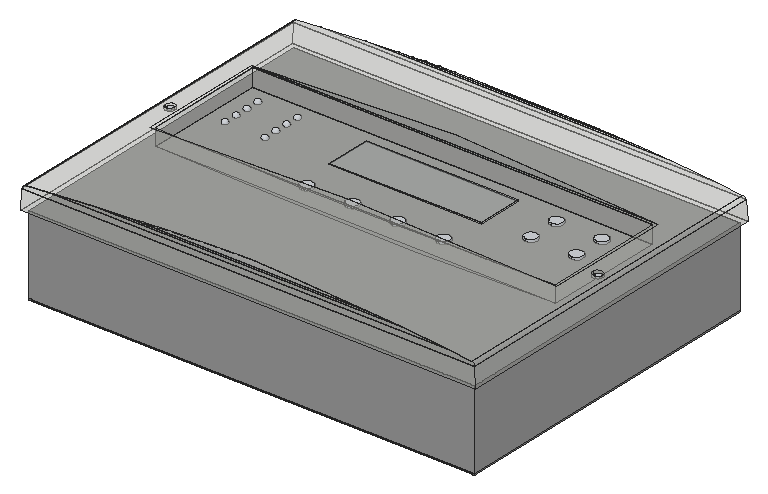
Revit family "MaviGard Прибор приемно-контрольный газовый, 4 канальный", category Fire Alarm Devices, host Face, Revit 2021
Family settings
  Host = Face
  Maintain Annotation Orientation = Yes
  Round Connector Dimension = Use Diameter
  Part Type = Normal
  OmniClass Number = 23.85.30.21
  OmniClass Title = Environmental Detection/Registration
  Cut with Voids When Loaded = No
  Shared = No
  Room Calculation Point = No
Parameters (values of type "MaviGard Прибор приемно-контрольный газовый, 4 канальный")
  Вес = "5,3 кг"
  Монтажный короб для установки извещателя с поверхностной прокладкой кабеля = ""
  Гарантийный срок = "Года"
  Гарантийный срок запчастей = "2"
  Гарантия срока службы = "2"
  Версия = ""
  URL = "https://www.mavili.com.tr/"
  Монтажный комплект для установки извещателя в подвесной потолок = ""
  Номер позы общественных работ = ""
  Класс защиты = ""
  Код продукта = "MG-400"
  Номер телефона = "(+)90 216 466 45 05"
  Рабочее напряжение (по умолчанию) = ""
  Диапазон рабочего напряжения = ""
  Рабочая Температура = "(-5°C) - (+50°C)"
  Номинальная глубина = "100 мм"
  Номинальная ширина = "400 мм"
  Номинальная высота = "300 мм"
  Монтажная поверхность = "Настенная"
  Монтажная высота = ""
  Model = "MaviGard"
  Manufacturer = "Mavili Elektronik Ticaret A.Ş."
  Инструкция по установке = "https://mavilielektronik.com/Revit/MG400_enkk.pdf"
  Выход индикации = ""
  Номер факса = "(+)90 216 466 45 10"
  Резервное питание = "220 В Перем. ток"
  Почта = "mavili@mavili.com.tr"
  Отказ = ""
  Настройка адреса устройства = ""
  Description = "Прибор приемно-контрольный газовый, 4 канальный"
  Default Elevation = 0 mm
  Потребление тока = ""
  Валюта = ""
  Cost = 0
  Совместимые базы для монтажа = ""
  Цвет = "Белый"
  Производительность кода = ""
  Главный Материал = "Серый металлический"
  Вторичный материал = "Белый пластмассовый ABS"
  Аккумулятор = "2 X  (12В Пост. ток 7 Aм/ч. )"
  Assembly Code = ""
  Адрес №1 = "Şerifali Mahallesi Kutup Sokak No:27/1-2-4 Ümraniye TR-34775 İSTANBUL"
Reference planes
  plane 1 "Center (Front/Back)": y = 0
  plane 2: z = 0
  plane 3 "Center (Left/Right)": x = 0
Forms (mm)
  Extrusion 1, solid, material "mavili arka kasa"
    sketch origin (-210, -150, 148.173) x (1, 0, 0) y (0, 0, -1)
      loop
        line (42.905, 77.3) -> (434.905, 77.3) -> (434.905, 146.904)
        arc (434.905, 146.904) -> (434.545, 147.715) -> (433.785, 148.173) r 1.476
        line (433.785, 148.173) -> (44.505, 148.173)
        arc (44.505, 148.173) -> (43.374, 147.704) -> (42.905, 146.573) r 1.6
        line (42.905, 146.573) -> (42.905, 77.3)
    from 0 to 300
  Extrusion 2, solid, material "Mavili beyaz"
    sketch origin (-210, -150, 148.173) x (1, 0, 0) y (0, 0, -1)
      loop
        line (38.905, 77.3) -> (39.824, 59.769)
        arc (39.824, 59.769) -> (40.651, 57.854) -> (42.526, 56.941) r 3
        arc (42.526, 56.941) -> (238.905, 47.3) -> (435.284, 56.941) r 2005
        arc (435.284, 56.941) -> (437.16, 57.854) -> (437.987, 59.769) r 3
        line (437.987, 59.769) -> (438.905, 77.3) -> (38.905, 77.3)
    from 0 to 300
  Extrusion 3, void
    sketch origin (-167.095, -150, 70.872) x (0, 0, 1) y (0, -1, 0)
      loop
        arc (-69.27, -296) -> (-70.403, -295.532) -> (-70.872, -294.4) r 1.6
        line (-70.872, -294.4) -> (-70.872, -300) -> (0, -300) -> (0, -296) -> (-69.27, -296)
    from 0 to 392
  Extrusion 4, void
    sketch origin (-167.095, 150, 70.872) x (0, 0, 1) y (0, -1, 0)
      loop
        line (-69.27, 296) -> (0, 296) -> (0, 300) -> (-70.872, 300) -> (-70.872, 294.4)
        arc (-70.872, 294.4) -> (-70.403, 295.532) -> (-69.27, 296) r 1.6
    from 0 to 392
  Extrusion 5, void
    sketch origin (-210, -150, 148.173) x (0, 0, -1) y (0, 1, 0)
      loop
        line (55.289, 116.326) -> (55.289, 228.158) -> (47.3, 228.297) -> (47.3, 111.721) -> (55.289, 116.326)
    from 0 to 497.127
  Extrusion 6, void
    sketch origin (-210, -150, 148.173) x (0, 0, -1) y (0, 1, 0)
      loop
        arc (47.3, 295.581) -> (48.124, 297.646) -> (50.143, 298.577) r 3
        line (50.143, 298.577) -> (51.913, 298.669) -> (55.057, 298.834) -> (59.769, 299.081) -> (77.3, 300) -> (50, 300) -> (47.3, 300) -> (47.3, 295.581)
    from 0 to 493.151
  Extrusion 7, void
    sketch origin (-210, 150, 148.173) x (0, 0, -1) y (0, 1, 0)
      loop
        line (47.3, -295.581) -> (47.3, -300) -> (50, -300) -> (77.3, -300) -> (59.769, -299.081) -> (55.057, -298.834) -> (51.913, -298.669) -> (50.143, -298.577)
        arc (50.143, -298.577) -> (48.124, -297.646) -> (47.3, -295.581) r 3
    from 0 to 493.151
  Extrusion 8, void
    sketch origin (-167.095, 146, 25.472) x (0, 0, -1) y (1, 0, 0)
      loop
        line (-13.523, 66.9) -> (-13.523, 68.054)
        arc (-13.523, 68.054) -> (-15, 68.144) -> (-16.477, 68.054) r 12.144
        line (-16.477, 68.054) -> (-16.477, 66.9)
        arc (-16.477, 66.9) -> (-26, 56.025) -> (-16.527, 45.106) r 11
        line (-16.527, 45.106) -> (-16.527, 43.952)
        arc (-16.527, 43.952) -> (-15, 43.856) -> (-13.473, 43.952) r 12.144
        line (-13.473, 43.952) -> (-13.473, 45.106)
        arc (-13.473, 45.106) -> (-4, 56.025) -> (-13.523, 66.9) r 11
    from 0 to 1
  Extrusion 9, void
    sketch origin (-127.095, 146, 25.472) x (0, 0, -1) y (1, 0, 0)
      loop
        line (-13.523, 66.9) -> (-13.523, 68.054)
        arc (-13.523, 68.054) -> (-15, 68.144) -> (-16.477, 68.054) r 12.144
        line (-16.477, 68.054) -> (-16.477, 66.9)
        arc (-16.477, 66.9) -> (-26, 56.025) -> (-16.527, 45.106) r 11
        line (-16.527, 45.106) -> (-16.527, 43.952)
        arc (-16.527, 43.952) -> (-15, 43.856) -> (-13.473, 43.952) r 12.144
        line (-13.473, 43.952) -> (-13.473, 45.106)
        arc (-13.473, 45.106) -> (-4, 56.025) -> (-13.523, 66.9) r 11
    from 0 to 1
  Extrusion 10, void
    sketch origin (-87.095, 146, 25.472) x (0, 0, -1) y (1, 0, 0)
      loop
        line (-13.523, 66.9) -> (-13.523, 68.054)
        arc (-13.523, 68.054) -> (-15, 68.144) -> (-16.477, 68.054) r 12.144
        line (-16.477, 68.054) -> (-16.477, 66.9)
        arc (-16.477, 66.9) -> (-26, 56.025) -> (-16.527, 45.106) r 11
        line (-16.527, 45.106) -> (-16.527, 43.952)
        arc (-16.527, 43.952) -> (-15, 43.856) -> (-13.473, 43.952) r 12.144
        line (-13.473, 43.952) -> (-13.473, 45.106)
        arc (-13.473, 45.106) -> (-4, 56.025) -> (-13.523, 66.9) r 11
    from 0 to 1
  Extrusion 11, void
    sketch origin (-47.095, 146, 25.472) x (0, 0, -1) y (1, 0, 0)
      loop
        line (-13.523, 66.9) -> (-13.523, 68.054)
        arc (-13.523, 68.054) -> (-15, 68.144) -> (-16.477, 68.054) r 12.144
        line (-16.477, 68.054) -> (-16.477, 66.9)
        arc (-16.477, 66.9) -> (-26, 56.025) -> (-16.527, 45.106) r 11
        line (-16.527, 45.106) -> (-16.527, 43.952)
        arc (-16.527, 43.952) -> (-15, 43.856) -> (-13.473, 43.952) r 12.144
        line (-13.473, 43.952) -> (-13.473, 45.106)
        arc (-13.473, 45.106) -> (-4, 56.025) -> (-13.523, 66.9) r 11
    from 0 to 1
  Extrusion 12, void
    sketch origin (-7.095, 146, 25.472) x (0, 0, -1) y (1, 0, 0)
      loop
        line (-13.523, 66.9) -> (-13.523, 68.054)
        arc (-13.523, 68.054) -> (-15, 68.144) -> (-16.477, 68.054) r 12.144
        line (-16.477, 68.054) -> (-16.477, 66.9)
        arc (-16.477, 66.9) -> (-26, 56.025) -> (-16.527, 45.106) r 11
        line (-16.527, 45.106) -> (-16.527, 43.952)
        arc (-16.527, 43.952) -> (-15, 43.856) -> (-13.473, 43.952) r 12.144
        line (-13.473, 43.952) -> (-13.473, 45.106)
        arc (-13.473, 45.106) -> (-4, 56.025) -> (-13.523, 66.9) r 11
    from 0 to 1
  Extrusion 13, void
    sketch origin (32.905, 146, 25.472) x (0, 0, -1) y (1, 0, 0)
      loop
        line (-13.523, 66.9) -> (-13.523, 68.054)
        arc (-13.523, 68.054) -> (-15, 68.144) -> (-16.477, 68.054) r 12.144
        line (-16.477, 68.054) -> (-16.477, 66.9)
        arc (-16.477, 66.9) -> (-26, 56.025) -> (-16.527, 45.106) r 11
        line (-16.527, 45.106) -> (-16.527, 43.952)
        arc (-16.527, 43.952) -> (-15, 43.856) -> (-13.473, 43.952) r 12.144
        line (-13.473, 43.952) -> (-13.473, 45.106)
        arc (-13.473, 45.106) -> (-4, 56.025) -> (-13.523, 66.9) r 11
    from 0 to 1
  Extrusion 14, void
    sketch origin (72.905, 146, 25.472) x (0, 0, -1) y (1, 0, 0)
      loop
        line (-13.523, 66.9) -> (-13.523, 68.054)
        arc (-13.523, 68.054) -> (-15, 68.144) -> (-16.477, 68.054) r 12.144
        line (-16.477, 68.054) -> (-16.477, 66.9)
        arc (-16.477, 66.9) -> (-26, 56.025) -> (-16.527, 45.106) r 11
        line (-16.527, 45.106) -> (-16.527, 43.952)
        arc (-16.527, 43.952) -> (-15, 43.856) -> (-13.473, 43.952) r 12.144
        line (-13.473, 43.952) -> (-13.473, 45.106)
        arc (-13.473, 45.106) -> (-4, 56.025) -> (-13.523, 66.9) r 11
    from 0 to 1
  Extrusion 15, void
    sketch origin (112.905, 146, 25.472) x (0, 0, -1) y (1, 0, 0)
      loop
        line (-13.523, 66.9) -> (-13.523, 68.054)
        arc (-13.523, 68.054) -> (-15, 68.144) -> (-16.477, 68.054) r 12.144
        line (-16.477, 68.054) -> (-16.477, 66.9)
        arc (-16.477, 66.9) -> (-26, 56.025) -> (-16.527, 45.106) r 11
        line (-16.527, 45.106) -> (-16.527, 43.952)
        arc (-16.527, 43.952) -> (-15, 43.856) -> (-13.473, 43.952) r 12.144
        line (-13.473, 43.952) -> (-13.473, 45.106)
        arc (-13.473, 45.106) -> (-4, 56.025) -> (-13.523, 66.9) r 11
    from 0 to 1
  Extrusion 16, void
    sketch origin (-210, -33.417, 92.884) x (-1, 0, 0) y (0, 1, 0)
      loop
        line (-62.836, 2.214) -> (-62.836, 108.579)
        spline (-62.836, 108.579) -> (-92.123, 108.62) -> (-121.442, 108.654) -> (-150.785, 108.681) -> (-180.148, 108.699) -> (-209.524, 108.711) -> (-238.905, 108.714) -> (-268.287, 108.711) -> (-297.662, 108.699) -> (-327.025, 108.681) -> (-356.369, 108.654) -> (-385.687, 108.62) -> (-414.974, 108.579)
        line (-414.974, 108.579) -> (-414.974, 2.214)
        spline (-414.974, 2.214) -> (-385.687, 0.847) -> (-356.369, -0.273) -> (-327.025, -1.144) -> (-297.662, -1.766) -> (-268.287, -2.14) -> (-238.905, -2.264) -> (-209.524, -2.14) -> (-180.148, -1.766) -> (-150.785, -1.144) -> (-121.442, -0.273) -> (-92.123, 0.847) -> (-62.836, 2.214)
    from 0 to 15
  Extrusion 17, void
    sketch origin (-210, -33.417, 92.884) x (-1, 0, 0) y (0, 1, 0)
      loop
        circle (-50.905, 33.417) r 4.25
    from 0 to 3
  Extrusion 18, solid
    sketch origin (-210, -33.442, 89.884) x (0, 1, 0) y (-1, 0, 0)
      loop
        line (35.753, -50.862) -> (34.597, -48.861) -> (32.286, -48.861) -> (31.13, -50.862) -> (32.286, -52.864) -> (34.597, -52.864) -> (35.753, -50.862)
    from 0 to 1
  Extrusion 19, void
    sketch origin (267.811, -33.417, 92.884) x (-1, 0, 0) y (0, 1, 0)
      loop
        circle (50.905, 33.417) r 4.25
    from 0 to 3
  Extrusion 20, solid
    sketch origin (267.811, -33.442, 89.884) x (0, 1, 0) y (-1, 0, 0)
      loop
        line (35.753, 50.862) -> (34.597, 52.864) -> (32.286, 52.864) -> (31.13, 50.862) -> (32.286, 48.861) -> (34.597, 48.861) -> (35.753, 50.862)
    from 0 to 1
  Revolve 21, solid
    sketch origin (-210, -33.417, 77.884) x (-1, 0, 0) y (0, -1, 0)
      loop
        line (-78.905, -96.917) -> (-78.905, -91.917)
        arc (-78.905, -91.917) -> (-81.405, -94.417) -> (-78.905, -96.917) r 2.5
      axis (-78.905, -96.917) -> (-78.905, -91.917)
    angle from 0 to -180
  Revolve 22, solid
    sketch origin (-175, -33.417, 77.884) x (-1, 0, 0) y (0, -1, 0)
      loop
        line (-78.905, -96.917) -> (-78.905, -91.917)
        arc (-78.905, -91.917) -> (-81.405, -94.417) -> (-78.905, -96.917) r 2.5
      axis (-78.905, -96.917) -> (-78.905, -91.917)
    angle from 0 to -180
  Revolve 23, solid
    sketch origin (-210, -45.417, 77.884) x (-1, 0, 0) y (0, -1, 0)
      loop
        line (-78.905, -96.917) -> (-78.905, -91.917)
        arc (-78.905, -91.917) -> (-81.405, -94.417) -> (-78.905, -96.917) r 2.5
      axis (-78.905, -96.917) -> (-78.905, -91.917)
    angle from 0 to -180
  Revolve 24, solid
    sketch origin (-175, -45.417, 77.884) x (-1, 0, 0) y (0, -1, 0)
      loop
        line (-78.905, -96.917) -> (-78.905, -91.917)
        arc (-78.905, -91.917) -> (-81.405, -94.417) -> (-78.905, -96.917) r 2.5
      axis (-78.905, -96.917) -> (-78.905, -91.917)
    angle from 0 to -180
  Revolve 25, solid
    sketch origin (-175, -57.417, 77.884) x (-1, 0, 0) y (0, -1, 0)
      loop
        line (-78.905, -96.917) -> (-78.905, -91.917)
        arc (-78.905, -91.917) -> (-81.405, -94.417) -> (-78.905, -96.917) r 2.5
      axis (-78.905, -96.917) -> (-78.905, -91.917)
    angle from 0 to -180
  Revolve 26, solid
    sketch origin (-210, -57.417, 77.884) x (-1, 0, 0) y (0, -1, 0)
      loop
        line (-78.905, -96.917) -> (-78.905, -91.917)
        arc (-78.905, -91.917) -> (-81.405, -94.417) -> (-78.905, -96.917) r 2.5
      axis (-78.905, -96.917) -> (-78.905, -91.917)
    angle from 0 to -180
  Revolve 27, solid
    sketch origin (-210, -69.417, 77.884) x (-1, 0, 0) y (0, -1, 0)
      loop
        line (-78.905, -96.917) -> (-78.905, -91.917)
        arc (-78.905, -91.917) -> (-81.405, -94.417) -> (-78.905, -96.917) r 2.5
      axis (-78.905, -96.917) -> (-78.905, -91.917)
    angle from 0 to -180
  Revolve 28, solid
    sketch origin (-175, -69.417, 77.884) x (-1, 0, 0) y (0, -1, 0)
      loop
        line (-78.905, -96.917) -> (-78.905, -91.917)
        arc (-78.905, -91.917) -> (-81.405, -94.417) -> (-78.905, -96.917) r 2.5
      axis (-78.905, -96.917) -> (-78.905, -91.917)
    angle from 0 to -180
  Extrusion 29, solid
    sketch origin (-210, -33.417, 77.884) x (-1, 0, 0) y (0, -1, 0)
      loop
        circle (-178.905, -23.417) r 5.5
    from 0 to 1.419
  Extrusion 30, solid
    sketch origin (-170, -33.417, 77.884) x (-1, 0, 0) y (0, -1, 0)
      loop
        circle (-178.905, -23.417) r 5.5
    from 0 to 1.419
  Extrusion 31, solid
    sketch origin (-130, -33.417, 77.884) x (-1, 0, 0) y (0, -1, 0)
      loop
        circle (-178.905, -23.417) r 5.5
    from 0 to 1.419
  Extrusion 32, solid
    sketch origin (-90, -33.417, 77.884) x (-1, 0, 0) y (0, -1, 0)
      loop
        circle (-178.905, -23.417) r 5.5
    from 0 to 1.419
  Extrusion 33, solid
    sketch origin (-210, -33.417, 77.884) x (-1, 0, 0) y (0, -1, 0)
      loop
        circle (-343.905, -91.417) r 5.5
    from 0 to 1.4
  Extrusion 34, solid
    sketch origin (-170, -33.417, 77.884) x (-1, 0, 0) y (0, -1, 0)
      loop
        circle (-343.905, -91.417) r 5.5
    from 0 to 1.4
  Extrusion 35, solid
    sketch origin (-209.988, -61.417, 77.884) x (-1, 0, 0) y (0, -1, 0)
      loop
        circle (-343.905, -91.417) r 5.5
    from 0 to 1.4
  Extrusion 36, solid
    sketch origin (-170.012, -61.417, 77.884) x (-1, 0, 0) y (0, -1, 0)
      loop
        circle (-343.905, -91.417) r 5.5
    from 0 to 1.4
  Extrusion 37, solid, material "Air Surfaces(1)"
    sketch origin (-210, -33.417, 77.884) x (-1, 0, 0) y (0, -1, 0)
      loop
        line (-171.905, -97.417) -> (-171.905, -56.417) -> (-305.905, -56.417) -> (-305.905, -97.417) -> (-171.905, -97.417)
    from 0 to 1.4
Cuts and joins
  Extrusion 3, Extrusion 4, Extrusion 8, Extrusion 9, Extrusion 10, Extrusion 11, Extrusion 12, Extrusion 13, Extrusion 14, Extrusion 15 cuts Extrusion 1
  Extrusion 3, Extrusion 4, Extrusion 5, Extrusion 6, Extrusion 7, Extrusion 16, Extrusion 17, Extrusion 19 cuts Extrusion 2
  Extrusion 19 cuts Extrusion 18
Dimensions and locks
  aligned and locked: plane 2 to host face
  aligned and locked: level to host face
Connectors
  electrical at (29.145, 0, 0)
    settings: on cut or joined group of Extrusion 1, Extrusion 3, Extrusion 4, Extrusion 8, Extrusion 9, Extrusion 10, Extrusion 11, Extrusion 12, Extrusion 13, Extrusion 14, Extrusion 15, index 1, voltage 0 V, apparent load 0 VA, apparent load phase1 0 VA, apparent load phase2 0 VA, apparent load phase3 0 VA, power factor 1, load classification "Other", number of poles 1, system type 31, power factor state 1, is connector primary yes, connector utility no, sub classification motor no, connector description ""
